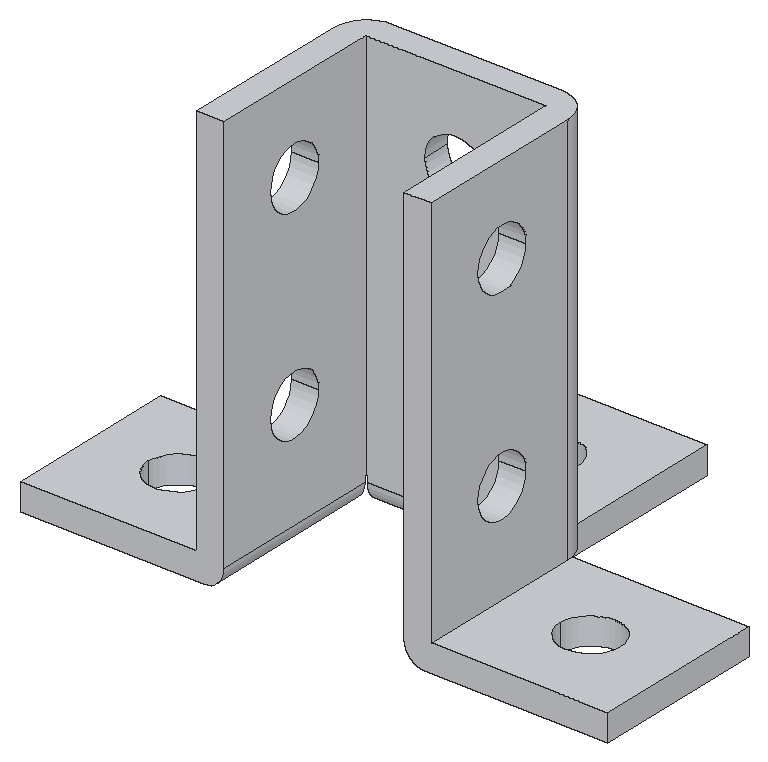
Revit family "Fitting-Wing_Shape-Unistrut-P2228", category Specialty Equipment, Revit 2012
Parameters (values of type "P2228")
  ecoScorecard_data = "http://products.ecoscorecard.com/atkore/P2228"
  ecoScorecard Product Page = "http://products.ecoscorecard.com/atkore/P2228?action=html"
  Weight Per Piece = 1.77 lbf
  Unit = none
  Unistrut Part Number = "P2228"  # constant formula
  URL = "http://unistrut.us/index.php"
  Thickness = 1/4"
  Subcategory = "Wing Shape Fittings"  # constant formula
  Product Page URL = "http://unistrut.us/index.php?WP=cat_detail&S=S05&P=P2228"
  Power Strut Part Number = "PS 670"  # constant formula
  Part Type = "Fitting"  # constant formula
  Overall Width = 5 13/32"
  Overall Length = 3 1/2"
  Overall Height = 3 7/8"
  Model = "P2228"
  Material = ""
  Manufacturer Phone - Toll Free = "800-882-5543"  # constant formula
  Manufacturer Phone = "708-339-1610"  # constant formula
  Manufacturer Fax = "708-339-7814"  # constant formula
  Manufacturer Email = "mailto:jshaw@atkore.com"
  Manufacturer Address = "16100 South Lathrop Avenue, Harvey, IL 60426"  # constant formula
  Manufacturer = "Unistrut by Atkore International"  # constant formula
  Load Capacity Note = "Visit the product page for load application and capacity."  # constant formula
  Literature URL = "http://unistrut.us/index.php?WP=LItLibrary"
  Hole Diameter = 9/16"
  Cost Info = "mailto:jshaw@atkore.com"
  CAD URL = "http://unistrut.us/index.php?WP=CAD3d"
  Assembly Code = "D5020100"
  95 CSI = "16070"  # constant formula
  04 CSI = "26 05 48"  # constant formula
Reference planes (in)
  plane 1 "Center (Front/Back)": y = 0
  plane 2: z = 0
  plane 3 "Center (Left/Right)": x = 0
  plane 4: z = 3.875
  plane 5: x = -2.70312
  plane 6: y = 1.75
  plane 7: x = 2.70312
  plane 8: y = -1.75
  plane 9: z = 0.25
  plane 10: y = 0.94018
  plane 11: y = -0.94105
  plane 12: x = 1.89588
  plane 13: x = -1.89588
  plane 14: z = 3.06367
  plane 15: z = 1.18867
Dimensions and locks (in)
  "Overall Height": plane 4 to plane 2
  equal spacing: plane 6, plane 1 "Center (Front/Back)", plane 8
  "Overall Length": plane 6 to plane 8
  equal spacing: plane 5, plane 3 "Center (Left/Right)", plane 7
  "Overall Width": plane 5 to plane 7
  "Thickness": plane 9 to plane 2
  aligned and locked: level to plane 2
  aligned and locked: nested 1 to plane 5  (x2)
  aligned and locked: plane 8 to nested 1
Nested families (in)
  nested 1: "2228" at (0, 0, 0), type "P2228"
Definition of nested family "2228"
  Parameters (values of type "P2227")
    Width = 5 13/32"
    Unit = none
    Thickness = 1/4"
    Height = 3 7/8"
    Radiuis = Diameter / 2  # 9/32"
    Length = 3 1/2"
    Diameter = 9/16"
    Default Elevation = 0"
    Bolt Length [instance] = 1 1/2"
  Reference planes (in)
    plane 1 "Center (Front/Back)": y = 0
    plane 2: z = 0
    plane 3 "Center (Left/Right)": x = 0
    plane 4: z = 3.875
    plane 5: x = -2.70313
    plane 6: x = 2.70313
    plane 7: y = 1.75
    plane 8: y = -1.75
    plane 9: y = -0.125
    plane 10: x = 0.82813
    plane 11: x = -0.82813
  Forms (in)
    Extrusion 1, solid
      sketch origin (0, 0, 0) x (1, 0, 0) y (0, 1, 0)
        loop
          line (0.82812, -0.125) -> (0.82812, -1.75) -> (1.07812, -1.75) -> (1.07812, -0.18064)
          arc (1.07812, -0.18064) -> (0.98861, 0.03548) -> (0.77249, 0.125) r 0.30564
          line (0.77249, 0.125) -> (-0.77344, 0.125)
          arc (-0.77344, 0.125) -> (-0.98888, 0.03576) -> (-1.07813, -0.17969) r 0.30469
          line (-1.07813, -0.17969) -> (-1.07813, -1.75) -> (-0.82813, -1.75) -> (-0.82813, -0.125) -> (0.82812, -0.125)
      from 0.25 to 3.875
    Extrusion 2, solid
      sketch origin (0, 0, 0) x (1, 0, 0) y (0, 0, 1)
        loop
          line (-0.82813, 0.25) -> (-2.70313, 0.25) -> (-2.70313, 0) -> (-1.01953, 0)
          arc (-1.01953, 0) -> (-0.88419, 0.05606) -> (-0.82813, 0.19141) r 0.19141
          line (-0.82813, 0.19141) -> (-0.82813, 0.25)
        loop
          line (2.70313, 0.25) -> (0.82813, 0.25) -> (0.82813, 0.1925)
          arc (0.82813, 0.1925) -> (0.88451, 0.05638) -> (1.02063, 0) r 0.1925
          line (1.02063, 0) -> (2.70313, 0) -> (2.70313, 0.25)
      from 0.13771 to 1.75
    Extrusion 3, solid
      sketch origin (0, 0, 0) x (0, 1, 0) y (0, 0, 1)
        loop
          line (1.75, 0) -> (1.75, 0.25) -> (-0.125, 0.25) -> (-0.125, 0.19141)
          arc (-0.125, 0.19141) -> (-0.06894, 0.05606) -> (0.06641, 0) r 0.19141
          line (0.06641, 0) -> (1.75, 0)
      from -0.80908 to 0.81042
    Extrusion 4, void
      sketch origin (0, 0, 0) x (1, 0, 0) y (0, 1, 0)
        loop
          circle (0, 0.94018) r 0.28125
        loop
          circle (1.89588, -0.94105) r 0.28125
        loop
          circle (-1.89588, -0.94105) r 0.28125
      from 0 to 0.25
    Extrusion 5, void
      sketch origin (0, 0, 0) x (1, 0, 0) y (0, 0, 1)
        loop
          circle (0, 3.06061) r 0.28125
      from -0.125 to 0.125
    Extrusion 6, void
      sketch origin (0, 0, 0) x (0, 1, 0) y (0, 0, 1)
        loop
          circle (-0.94124, 3.06367) r 0.28125
        loop
          circle (-0.94124, 1.18867) r 0.28125
      from -1.07813 to 1.07812
    Extrusion 7, void
      sketch origin (0, 0, -1.875) x (1, 0, 0) y (0, 0, 1)
        loop
          circle (0, 3.06061) r 0.28125
      from -0.12557 to 0.125
  Cuts and joins
    Extrusion 5, Extrusion 6, Extrusion 7 cuts Extrusion 1
    Extrusion 4 cuts Extrusion 2
    Extrusion 4 cuts Extrusion 3
    joined: Extrusion 1, Extrusion 2, Extrusion 3
  Dimensions and locks (in)
    equal spacing: plane 5, plane 3 "Center (Left/Right)", plane 6
    "Width": plane 5 to plane 6
    equal spacing: plane 8, plane 1 "Center (Front/Back)", plane 7
    "Length": plane 8 to plane 7
    "Height": plane 4 to plane 2
    plane 11 to plane 10 = 1 21/32"
    plane 8 to plane 9 = 1 5/8"
    plane 10 to plane 6 = 1 7/8"
    plane 5 to plane 11 = 1 7/8"
    "Radiuis": radius of Extrusion 6 sketch curve  (x2)
    "Radiuis": radius of Extrusion 4 sketch curve  (x3)
    "Radiuis": radius of Extrusion 5 sketch curve
    "Radiuis": radius of Extrusion 7 sketch curve
    aligned and locked: level to plane 2
    aligned and locked: plane 8 to Extrusion 1 sketch curve  (x2)
    aligned and locked: plane 4 to Extrusion 1
    aligned and locked: plane 6 to Extrusion 2 sketch curve
    aligned and locked: plane 5 to Extrusion 2 sketch curve
    aligned and locked: plane 8 to Extrusion 2
    aligned and locked: plane 7 to Extrusion 3 sketch curve
    aligned and locked: Extrusion 4 to level
    aligned and locked: Extrusion 1 sketch curve to plane 11
    aligned and locked: plane 9 to Extrusion 1 sketch curve
    aligned and locked: Extrusion 1 sketch curve to plane 10
    aligned and locked: Extrusion 1 to Extrusion 6  (x2)
    aligned and locked: Extrusion 1 to Extrusion 5  (x2)
    aligned and locked: Extrusion 1 to Extrusion 7
  Automatic sketch dimensions
    Extrusion 4 sketch curve to plane 3 "Center (Left/Right)" = 0"
    Extrusion 4 sketch curve to plane 5 = 0.80725"
    Extrusion 4 sketch curve to plane 6 = 0.80725"
    Extrusion 4 sketch curve to plane 8 = 0.80895"  (x2)
    Extrusion 4 sketch curve to plane 7 = 0.80982"
    Extrusion 5 sketch curve to plane 3 "Center (Left/Right)" = 0"
    Extrusion 5 sketch curve to plane 4 = 0.81439"
    Extrusion 7 sketch curve to plane 3 "Center (Left/Right)" = 0"
    level to Extrusion 7 sketch curve = 1.18561"
    plane 9 to Extrusion 1 sketch curve = 7/128"
    Extrusion 1 sketch curve to plane 11 = 7/128"
    Extrusion 1 sketch curve to Extrusion 1 sketch curve = 1/4"
    Extrusion 1 sketch curve to plane 10 = 0.05564"
    plane 9 to Extrusion 1 sketch curve = 0.05564"
    Extrusion 2 sketch curve to level = 0"
    plane 11 to Extrusion 2 sketch curve = 0"
    Extrusion 2 sketch curve to plane 10 = 0"
    plane 11 to Extrusion 2 sketch curve = 49/256"
    level to Extrusion 2 sketch curve = 0"
    plane 10 to Extrusion 2 sketch curve = 0.1925"
    Extrusion 2 sketch curve to Extrusion 2 sketch curve = 1/4"
    level to Extrusion 2 sketch curve = 1/4"
    Extrusion 3 sketch curve to plane 9 = 0"
    Extrusion 3 sketch curve to level = 0"
    Extrusion 3 sketch curve to plane 1 "Center (Front/Back)" = 17/256"
    Extrusion 3 sketch curve to Extrusion 3 sketch curve = 15/256"
    Extrusion 6 sketch curve to plane 8 = 0.80876"  (x2)
    level to Extrusion 6 sketch curve = 1.18867"
    Extrusion 6 sketch curve to plane 4 = 0.81133"
